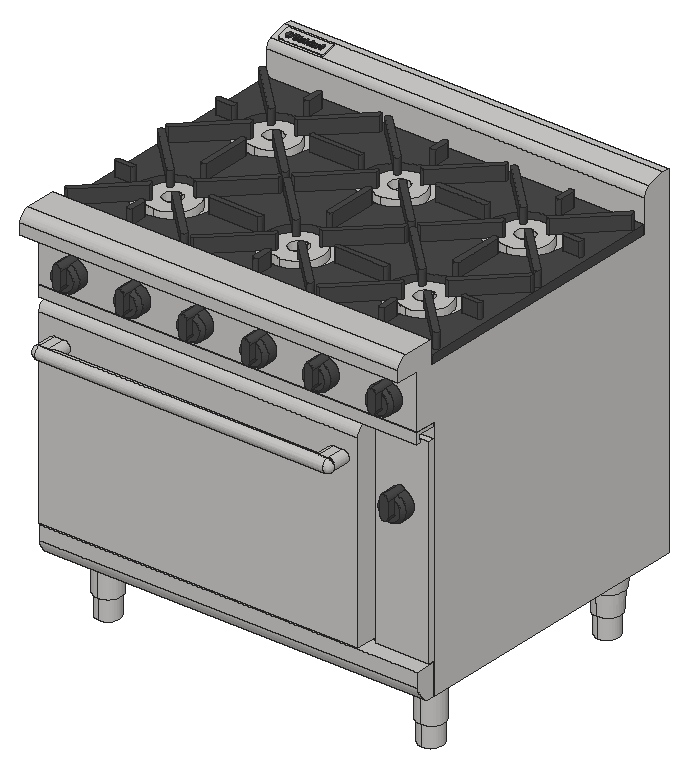
Revit family "QF_MOFFAT WALDORF_RNL8610G", category Specialty Equipment, Revit 2012 (continued)
Lines and regions (mm)
  symbolic lines
    curve 151: arc (150, -480.5, 0) -> (93, -537.5, 0) -> (150, -594.5, 0) r 57
    curve 152: line (17.22, -237.81, 0) -> (62.22, -237.81, 0)
    curve 153: line (17.22, -537.81, 0) -> (62.22, -537.81, 0)
    curve 154: line (882.78, -237.81, 0) -> (837.78, -237.81, 0)
    curve 155: line (882.78, -537.81, 0) -> (837.78, -537.81, 0)
    curve 156: line (149.551, -435.668, 0) -> (149.551, -350.668, 0)
    curve 157: line (449.551, -435.668, 0) -> (449.551, -350.668, 0)
    curve 158: line (749.551, -435.668, 0) -> (749.551, -350.668, 0)
    curve 162: line (150.008, -98.743, 0) -> (149.965, -143.743, 0)
    curve 163: line (450.008, -98.743, 0) -> (449.965, -143.743, 0)
    curve 164: line (750.008, -98.743, 0) -> (749.965, -143.743, 0)
    curve 165: line (150.008, -628.777, 0) -> (149.965, -673.777, 0)
    curve 166: line (450.008, -628.777, 0) -> (449.965, -673.777, 0)
    curve 167: line (750.008, -628.777, 0) -> (749.965, -673.777, 0)
    curve 168: arc (150, -152.5, 0) -> (235, -237.5, 0) -> (150, -322.5, 0) r 85
    curve 169: arc (150, -322.5, 0) -> (65, -237.5, 0) -> (150, -152.5, 0) r 85
    curve 170: arc (450, -322.5, 0) -> (365, -237.5, 0) -> (450, -152.5, 0) r 85
    curve 171: arc (450, -152.5, 0) -> (535, -237.5, 0) -> (450, -322.5, 0) r 85
    curve 172: arc (750, -322.5, 0) -> (665, -237.5, 0) -> (750, -152.5, 0) r 85
    curve 173: arc (750, -152.5, 0) -> (835, -237.5, 0) -> (750, -322.5, 0) r 85
    curve 174: arc (750, -452.768, 0) -> (835, -537.768, 0) -> (750, -622.768, 0) r 85
    curve 175: arc (750, -622.768, 0) -> (665, -537.768, 0) -> (750, -452.768, 0) r 85
    curve 176: arc (450, -452.768, 0) -> (535, -537.768, 0) -> (450, -622.768, 0) r 85
    curve 177: arc (450, -622.768, 0) -> (365, -537.768, 0) -> (450, -452.768, 0) r 85
    curve 178: arc (150, -452.768, 0) -> (235, -537.768, 0) -> (150, -622.768, 0) r 85
    curve 179: arc (150, -622.768, 0) -> (65, -537.768, 0) -> (150, -452.768, 0) r 85
    curve 180: line (301.417, -72.734, 0) -> (301.417, -705.7, 0)
    curve 181: line (601.417, -72.734, 0) -> (601.417, -705.7, 0)
    curve 182: line (0, -387.5, 0) -> (900, -387.5, 0)
    curve 183: arc (150, -215.5, 0) -> (172, -237.5, 0) -> (150, -259.5, 0) r 22
    curve 184: arc (150, -259.5, 0) -> (128, -237.5, 0) -> (150, -215.5, 0) r 22
    curve 185: arc (450, -215.5, 0) -> (472, -237.5, 0) -> (450, -259.5, 0) r 22
    curve 186: arc (450, -259.5, 0) -> (428, -237.5, 0) -> (450, -215.5, 0) r 22
    curve 187: arc (750, -215.5, 0) -> (772, -237.5, 0) -> (750, -259.5, 0) r 22
    curve 188: arc (750, -259.5, 0) -> (728, -237.5, 0) -> (750, -215.5, 0) r 22
    curve 189: arc (750, -515.5, 0) -> (772, -537.5, 0) -> (750, -559.5, 0) r 22
    curve 190: arc (750, -559.5, 0) -> (728, -537.5, 0) -> (750, -515.5, 0) r 22
    curve 191: arc (450, -515.5, 0) -> (472, -537.5, 0) -> (450, -559.5, 0) r 22
    curve 192: arc (450, -559.5, 0) -> (428, -537.5, 0) -> (450, -515.5, 0) r 22
    curve 193: arc (150, -515.5, 0) -> (172, -537.5, 0) -> (150, -559.5, 0) r 22
    curve 194: arc (150, -559.5, 0) -> (128, -537.5, 0) -> (150, -515.5, 0) r 22
  symbolic lines, style "QF_Door-Drawer Clearances", visible <- "Show Clearance"
    curve 159: line (0, -1218.847, 0) -> (0, -805, 0)
    curve 160: line (0, -1218.847, 0) -> (760, -1218.847, 0)
    curve 161: line (760, -1218.847, 0) -> (760, -805, 0)
Dimensions and locks
  equal spacing: plane 3 "LEFT", plane 7 "Center Y", plane 4 "RIGHT"
  "Width": plane 3 "LEFT" to plane 4 "RIGHT"
  equal spacing: plane 5 "FRONT", plane 8 "Center X", plane 1 "BACK"
  plane 5 "FRONT" to plane 1 "BACK" = 805 mm  (x2)
  equal spacing: plane 4 "RIGHT", plane 7 "Center Y", plane 3 "LEFT"
  plane 4 "RIGHT" to plane 3 "LEFT" = 900 mm
  "Height": plane 6 "TOP" to level
  plane 10 to plane 1 "BACK" = 574.272 mm
  plane 12 to plane 1 "BACK" = 304.972 mm  (x2)
  plane 11 to plane 3 "LEFT" = 60 mm
  plane 14 to plane 3 "LEFT" = 74 mm
  plane 9 to plane 3 "LEFT" = 280 mm
  "Depth": plane 1 "BACK" to plane 15
  plane 15 to plane 5 "FRONT" = 0 mm
  plane 6 "TOP" to plane 2 = 970 mm
  locked: plane 2 to Extrusion 1 sketch curve at 861.8
  locked: plane 2 to Extrusion 1 sketch curve at 915
  Extrusion 9 sketch curve to plane 19 = 64.8 mm
  aligned and locked: level to plane 2
  aligned and locked: curve 3 to plane 4 "RIGHT"
Automatic sketch dimensions
  curve 140 to curve 168 = 0 mm  (x2)
  curve 142 to curve 170 = 0 mm
  curve 143 to curve 170 = 0 mm
  curve 144 to curve 172 = 0 mm
  curve 144 to curve 173 = 0 mm
  plane 1 "BACK" to curve 1 = 0 mm
  curve 1 to plane 3 "LEFT" = 0 mm
  plane 5 "FRONT" to curve 109 = 0 mm
  curve 176 to plane 7 "Center Y" = 0 mm
  curve 171 to plane 7 "Center Y" = 0 mm
  curve 148 to plane 7 "Center Y" = 0 mm
  plane 3 "LEFT" to curve 113 = 6.08 mm
  plane 3 "LEFT" to curve 119 = 6.08 mm
  plane 3 "LEFT" to curve 129 = 6.08 mm
  plane 3 "LEFT" to curve 135 = 6.08 mm
  plane 3 "LEFT" to curve 5 = 12.5 mm
  plane 3 "LEFT" to curve 152 = 17.22 mm
  plane 3 "LEFT" to curve 153 = 17.22 mm
  plane 3 "LEFT" to curve 109 = 22.65 mm
  curve 109 to plane 11 = 11.111 mm
  curve 109 to plane 11 = 9.192 mm
  plane 11 to curve 153 = 2.22 mm
  plane 11 to curve 152 = 2.22 mm
  plane 17 to curve 8 = 11.042 mm
  plane 14 to curve 8 = 47.5 mm
  plane 14 to curve 129 = 47.515 mm
  plane 10 to curve 135 = 8.826 mm
  plane 14 to curve 135 = 47.515 mm
  plane 14 to curve 119 = 47.515 mm
  plane 14 to curve 113 = 47.515 mm
  curve 7 to curve 10 = 8.083 mm
  curve 156 to plane 8 "Center X" = 33.168 mm
  plane 14 to curve 156 = 75.551 mm
  plane 17 to curve 12 = 9.738 mm
  curve 9 to curve 12 = 20 mm
  plane 14 to curve 165 = 75.965 mm
  curve 113 to curve 162 = 28.45 mm
  curve 129 to curve 179 = 28.485 mm
  curve 113 to curve 168 = 28.485 mm
  curve 151 to curve 178 = 0 mm
  curve 178 to curve 165 = 0.008 mm
  curve 162 to curve 162 = 0.042 mm
  curve 10 to curve 14 = 6.917 mm
  curve 13 to curve 14 = 20 mm
  plane 10 to curve 136 = 8.826 mm
  curve 179 to curve 136 = 28.485 mm
  plane 12 to curve 120 = 39.794 mm
  curve 140 to curve 120 = 28.485 mm
  curve 140 to curve 114 = 28.485 mm
  curve 150 to curve 130 = 28.485 mm
  curve 15 to curve 17 = 7 mm
  curve 17 to curve 19 = 20 mm
  curve 19 to curve 21 = 7 mm
  curve 21 to curve 23 = 20 mm
  curve 22 to curve 27 = 7 mm
  curve 126 to plane 9 = 42.22 mm
  curve 124 to plane 9 = 42.22 mm
  plane 17 to curve 28 = 9.738 mm
  curve 26 to curve 28 = 20 mm
  curve 27 to curve 31 = 6.917 mm
  plane 9 to curve 33 = 4.417 mm
  curve 32 to curve 34 = 7 mm
  plane 9 to curve 136 = 13.92 mm
  plane 9 to curve 120 = 13.92 mm
  plane 9 to curve 114 = 13.92 mm
  plane 9 to curve 130 = 13.92 mm
  plane 9 to curve 180 = 21.417 mm
  curve 120 to curve 123 = 12.16 mm
  curve 114 to curve 117 = 12.16 mm
  plane 8 "Center X" to curve 133 = 7.845 mm
  curve 130 to curve 133 = 12.16 mm
  curve 136 to curve 139 = 12.16 mm
  curve 34 to curve 35 = 20 mm
  curve 35 to curve 38 = 7 mm
  curve 38 to curve 39 = 20 mm
  curve 39 to curve 42 = 11.622 mm
  plane 9 to curve 124 = 82.78 mm
  plane 10 to curve 126 = 36.462 mm
  plane 9 to curve 126 = 82.78 mm
  plane 17 to curve 44 = 9.738 mm
  curve 42 to curve 44 = 20 mm
  curve 44 to curve 49 = 6.917 mm
  plane 17 to curve 48 = 9.738 mm
  curve 46 to curve 48 = 20 mm
  curve 47 to curve 51 = 7 mm
  curve 123 to plane 7 "Center Y" = 28.485 mm
  curve 133 to plane 7 "Center Y" = 28.485 mm
  plane 10 to curve 139 = 9.362 mm
  curve 139 to plane 7 "Center Y" = 28.485 mm
  curve 117 to plane 7 "Center Y" = 28.485 mm
  plane 17 to curve 53 = 9.738 mm
  curve 50 to curve 53 = 20 mm
  curve 51 to curve 54 = 7 mm
  curve 157 to plane 7 "Center Y" = 0.449 mm
  curve 166 to plane 7 "Center Y" = 0.035 mm
  curve 163 to plane 7 "Center Y" = 0.035 mm
  plane 7 "Center Y" to curve 163 = 0.008 mm
  plane 7 "Center Y" to curve 166 = 0.008 mm
  plane 7 "Center Y" to curve 56 = 0.956 mm
  curve 56 to curve 58 = 7 mm
  plane 17 to curve 60 = 9.738 mm
  curve 58 to curve 60 = 20 mm
  plane 7 "Center Y" to curve 116 = 28.485 mm
  plane 7 "Center Y" to curve 132 = 28.485 mm
  plane 10 to curve 138 = 9.362 mm
  plane 7 "Center Y" to curve 138 = 28.485 mm
  plane 7 "Center Y" to curve 122 = 28.485 mm
  curve 60 to curve 62 = 6.917 mm
  curve 62 to curve 64 = 20 mm
  curve 64 to curve 66 = 7 mm
  curve 66 to curve 67 = 20 mm
  curve 138 to curve 127 = 58.735 mm
  curve 122 to curve 125 = 58.735 mm
  curve 67 to curve 71 = 7 mm
  plane 17 to curve 72 = 9.738 mm
  curve 70 to curve 72 = 20 mm
  curve 71 to curve 75 = 6.924 mm
  curve 74 to curve 76 = 20 mm
  curve 75 to curve 78 = 6.917 mm
  plane 8 "Center X" to curve 132 = 7.845 mm
  plane 7 "Center Y" to curve 132 = 143.92 mm
  plane 7 "Center Y" to curve 138 = 143.92 mm
  curve 116 to plane 17 = 62.387 mm
  curve 78 to curve 116 = 1.206 mm
  curve 122 to plane 13 = 15.641 mm
  curve 122 to curve 132 = 0 mm
  curve 138 to curve 181 = 7.497 mm
  curve 138 to curve 137 = 12.16 mm
  curve 121 to plane 13 = 15.641 mm
  curve 122 to curve 121 = 12.16 mm
  plane 8 "Center X" to curve 131 = 7.845 mm
  curve 132 to curve 131 = 12.16 mm
  curve 115 to plane 17 = 62.387 mm
  curve 116 to curve 115 = 12.16 mm
  curve 78 to curve 80 = 20 mm
  curve 79 to curve 83 = 7 mm
  curve 82 to curve 83 = 20 mm
  curve 83 to curve 86 = 7 mm
  curve 125 to curve 125 = 125 mm
  plane 10 to curve 127 = 36.462 mm
  curve 127 to curve 127 = 125 mm
  curve 86 to curve 88 = 20 mm
  curve 88 to curve 93 = 7 mm
  curve 90 to curve 91 = 20 mm
  curve 91 to curve 95 = 6.917 mm
  plane 17 to curve 97 = 9.738 mm
  curve 94 to curve 97 = 20 mm
  plane 12 to curve 121 = 39.794 mm
  curve 125 to curve 121 = 59.295 mm
  curve 127 to curve 131 = 59.295 mm
  curve 115 to curve 121 = 0 mm
  plane 10 to curve 137 = 8.826 mm
  curve 137 to curve 131 = 0 mm
  plane 5 "FRONT" to curve 111 = 14.544 mm
  curve 111 to plane 16 = 112.642 mm
  curve 95 to curve 98 = 7 mm
  curve 111 to curve 111 = 25.191 mm
  curve 98 to curve 99 = 20 mm
  plane 13 to curve 158 = 14.305 mm
  curve 158 to plane 16 = 84.949 mm
  curve 115 to curve 164 = 28.45 mm
  curve 167 to plane 16 = 84.535 mm
  curve 131 to curve 146 = 28.485 mm
  curve 158 to curve 174 = 0.449 mm
  curve 173 to plane 12 = 17.528 mm
  curve 158 to curve 173 = 0.449 mm
  curve 164 to curve 164 = 0.042 mm
  curve 174 to curve 167 = 0.008 mm
  curve 99 to curve 103 = 7 mm
  curve 161 to plane 16 = 74.5 mm
  curve 102 to curve 103 = 20 mm
  curve 144 to curve 112 = 28.485 mm
  curve 144 to curve 118 = 28.485 mm
  curve 146 to curve 128 = 28.485 mm
  plane 10 to curve 134 = 8.826 mm
  curve 174 to curve 134 = 28.485 mm
  plane 16 to curve 154 = 3.28 mm
  plane 16 to curve 155 = 3.28 mm
  plane 4 "RIGHT" to curve 154 = 17.22 mm
  plane 4 "RIGHT" to curve 155 = 17.22 mm
  plane 4 "RIGHT" to curve 112 = 6.08 mm
  plane 4 "RIGHT" to curve 134 = 6.08 mm
  plane 4 "RIGHT" to curve 128 = 6.08 mm
  plane 4 "RIGHT" to curve 118 = 6.08 mm
  curve 159 to curve 110 = 399.303 mm
  curve 109 to curve 106 = 76.143 mm
  curve 106 to curve 107 = 3.3 mm
  curve 107 to curve 134 = 24.819 mm
  curve 107 to curve 135 = 24.819 mm
  curve 180 to curve 136 = 24.819 mm
  curve 181 to curve 137 = 24.819 mm
  curve 137 to curve 138 = 0.536 mm
  curve 136 to curve 139 = 0.536 mm
  curve 165 to plane 10 = 99.505 mm
  curve 166 to plane 10 = 99.505 mm
  curve 167 to plane 10 = 99.505 mm
  curve 165 to curve 165 = 45 mm
  curve 166 to curve 166 = 45 mm
  curve 167 to curve 167 = 45 mm
  curve 165 to curve 179 = 6.009 mm
  curve 166 to curve 176 = 6.009 mm
  curve 167 to curve 175 = 6.009 mm
  curve 146 to plane 10 = 20.228 mm
  curve 148 to plane 10 = 20.228 mm
  curve 150 to plane 10 = 20.228 mm
  plane 10 to curve 153 = 36.462 mm
  plane 10 to curve 155 = 36.462 mm
  plane 10 to curve 178 = 36.504 mm
  plane 10 to curve 176 = 36.504 mm
  plane 10 to curve 175 = 36.504 mm
  curve 178 to curve 151 = 0.268 mm
  curve 176 to curve 148 = 0.268 mm
  curve 174 to curve 146 = 0.268 mm
  curve 146 to curve 128 = 27.411 mm
  curve 150 to curve 130 = 27.411 mm
  curve 150 to curve 129 = 27.411 mm
  curve 146 to curve 131 = 27.411 mm
  curve 148 to curve 133 = 27.411 mm
  curve 148 to curve 132 = 27.411 mm
  curve 177 to curve 157 = 17.1 mm
  curve 175 to curve 158 = 17.1 mm
  plane 8 "Center X" to curve 129 = 7.845 mm
  plane 8 "Center X" to curve 130 = 7.845 mm
  plane 8 "Center X" to curve 128 = 7.845 mm
  curve 129 to curve 182 = 7.155 mm
  curve 130 to curve 120 = 14.041 mm
  curve 120 to curve 123 = 0 mm
  curve 182 to curve 118 = 6.887 mm
  curve 182 to curve 119 = 6.887 mm
  plane 13 to curve 156 = 14.305 mm
  plane 13 to curve 157 = 14.305 mm
  curve 171 to plane 12 = 17.528 mm
  curve 168 to plane 12 = 17.528 mm
  plane 12 to curve 143 = 10.472 mm
  plane 12 to curve 144 = 10.472 mm
  plane 12 to curve 140 = 10.472 mm
  plane 12 to curve 122 = 39.794 mm
  plane 12 to curve 118 = 39.794 mm
  plane 12 to curve 119 = 39.794 mm
  plane 12 to curve 123 = 39.794 mm
  curve 123 to curve 124 = 27.368 mm
  curve 121 to curve 125 = 27.368 mm
  curve 118 to curve 154 = 27.368 mm
  plane 12 to curve 152 = 67.162 mm
  curve 119 to curve 140 = 27.678 mm
  curve 121 to curve 145 = 27.678 mm
  curve 123 to curve 143 = 27.678 mm
  curve 144 to curve 112 = 27.678 mm
  curve 140 to curve 113 = 27.678 mm
  curve 171 to curve 117 = 27.678 mm
  curve 171 to curve 116 = 27.678 mm
  curve 144 to curve 115 = 27.678 mm
  curve 140 to curve 114 = 27.678 mm
  curve 172 to curve 164 = 8.757 mm
  curve 171 to curve 163 = 8.757 mm
  curve 169 to curve 162 = 8.757 mm
  curve 162 to curve 162 = 45 mm
  curve 163 to curve 163 = 45 mm
  curve 164 to curve 164 = 45 mm
  curve 117 to plane 17 = 62.387 mm
  curve 112 to plane 17 = 62.387 mm
  curve 113 to plane 17 = 62.387 mm
  curve 114 to curve 117 = 0 mm
  curve 112 to curve 108 = 21.653 mm
  curve 108 to curve 4 = 2.734 mm
  curve 5 to plane 17 = 19.234 mm
  curve 96 to plane 17 = 18.526 mm
  curve 52 to plane 17 = 18.526 mm
  curve 92 to curve 94 = 0 mm
  curve 80 to plane 17 = 18.526 mm
  curve 95 to curve 98 = 0 mm
  curve 40 to plane 17 = 18.526 mm
  curve 99 to curve 102 = 0 mm
  curve 76 to curve 78 = 0 mm
  curve 44 to plane 17 = 18.526 mm
  curve 43 to curve 46 = 0 mm
  curve 36 to curve 38 = 0 mm
  curve 88 to curve 90 = 0 mm
  curve 51 to curve 54 = 0 mm
  curve 71 to curve 74 = 0 mm
  curve 32 to curve 34 = 0 mm
  curve 84 to curve 86 = 0 mm
  curve 55 to curve 58 = 0 mm
  curve 68 to curve 70 = 0 mm
  curve 28 to curve 30 = 0 mm
  curve 23 to curve 26 = 0 mm
  curve 19 to curve 21 = 0 mm
  curve 15 to curve 17 = 0 mm
  curve 11 to curve 13 = 0 mm
  curve 59 to curve 62 = 0 mm
  plane 17 to curve 105 = 9.738 mm
  curve 96 to curve 101 = 0 mm
  plane 17 to curve 93 = 9.738 mm
  plane 17 to curve 89 = 9.738 mm
  plane 17 to curve 85 = 9.738 mm
  plane 17 to curve 81 = 9.738 mm
  curve 72 to curve 77 = 0 mm
  plane 17 to curve 69 = 9.738 mm
  curve 60 to curve 65 = 0 mm
  curve 52 to curve 57 = 0 mm
  plane 17 to curve 41 = 9.738 mm
  plane 17 to curve 37 = 9.738 mm
  curve 28 to curve 33 = 0 mm
  plane 17 to curve 24 = 9.738 mm
  plane 17 to curve 20 = 9.738 mm
  curve 11 to curve 16 = 0 mm
  Extrusion 1 sketch curve to plane 5 "FRONT" = 0 mm
  Extrusion 1 sketch curve to plane 6 "TOP" = 0 mm
  Extrusion 1 sketch curve to plane 1 "BACK" = 0 mm
  Extrusion 1 sketch curve to plane 5 "FRONT" = 24 mm
  Extrusion 1 sketch curve to plane 5 "FRONT" = 56 mm
  Extrusion 1 sketch curve to Extrusion 1 sketch curve = 0 mm
  Extrusion 1 sketch curve to plane 5 "FRONT" = 58.27 mm
  Extrusion 1 sketch curve to Extrusion 1 sketch curve = 6.387 mm
  Extrusion 1 sketch curve to Extrusion 1 sketch curve = 8.776 mm
  Extrusion 1 sketch curve to Extrusion 1 sketch curve = 40 mm
  Extrusion 1 sketch curve to Extrusion 1 sketch curve = 43.174 mm
  Extrusion 1 sketch curve to Extrusion 1 sketch curve = 2.626 mm
  Extrusion 1 sketch curve to Extrusion 1 sketch curve = 41.683 mm
  Extrusion 1 sketch curve to Extrusion 1 sketch curve = 4.2 mm  (x2)
  Extrusion 1 sketch curve to plane 17 = 38 mm
  Extrusion 1 sketch curve to plane 6 "TOP" = 11.31 mm
  Extrusion 1 sketch curve to Extrusion 1 sketch curve = 11.291 mm
  Extrusion 1 sketch curve to plane 17 = 15.418 mm
  plane 17 to Extrusion 1 sketch curve = 15.5 mm
  plane 18 to Extrusion 1 sketch curve = 81.219 mm
  Extrusion 1 sketch curve to Extrusion 1 sketch curve = 2.216 mm
  Extrusion 1 sketch curve to Extrusion 1 sketch curve = 7.004 mm
  Extrusion 1 sketch curve to Extrusion 1 sketch curve = 16.999 mm
  level to Extrusion 1 sketch curve = 222.5 mm
  Extrusion 1 sketch curve to Extrusion 1 sketch curve = 28.982 mm
  Extrusion 1 sketch curve to Extrusion 1 sketch curve = 34.5 mm
  Extrusion 1 sketch curve to Extrusion 1 sketch curve = 0.071 mm
  Extrusion 1 to Split face 1 sketch curve = 1.962 mm
  Split face 1 sketch curve to Extrusion 1 = 14.14 mm
  Split face 1 sketch curve to Extrusion 1 = 129.583 mm
  Split face 1 sketch curve to Split face 1 sketch curve = 20 mm
  Extrusion 1 to Split face 2 sketch curve = 1.962 mm
  Split face 2 sketch curve to Extrusion 1 = 14.14 mm
  Split face 2 sketch curve to Extrusion 1 = 156.5 mm
  Split face 2 sketch curve to Split face 2 sketch curve = 20 mm
  Extrusion 1 to Split face 3 sketch curve = 1.962 mm
  Split face 3 sketch curve to Extrusion 1 = 14.14 mm
  Split face 3 sketch curve to Extrusion 1 = 183.5 mm
  Split face 3 sketch curve to Split face 3 sketch curve = 20 mm
  Extrusion 1 to Split face 4 sketch curve = 1.962 mm
  Split face 4 sketch curve to Extrusion 1 = 14.14 mm
  Split face 4 sketch curve to Extrusion 1 = 210.5 mm
  Split face 4 sketch curve to Split face 4 sketch curve = 20 mm
  Extrusion 1 to Split face 5 sketch curve = 1.962 mm
  Split face 5 sketch curve to Extrusion 1 = 14.14 mm
  Split face 5 sketch curve to Extrusion 1 = 237.5 mm
  Split face 5 sketch curve to Split face 5 sketch curve = 20 mm
  Extrusion 1 to Split face 6 sketch curve = 1.962 mm
  Split face 6 sketch curve to Extrusion 1 = 14.14 mm
  Split face 6 sketch curve to Extrusion 1 = 264.5 mm
  Split face 6 sketch curve to Split face 6 sketch curve = 20 mm
  Extrusion 1 to Split face 7 sketch curve = 1.962 mm
  Split face 7 sketch curve to Extrusion 1 = 14.14 mm
  Split face 7 sketch curve to Extrusion 1 = 291.5 mm
  Split face 7 sketch curve to Split face 7 sketch curve = 20 mm
  Extrusion 1 to Split face 8 sketch curve = 1.962 mm
  Split face 8 sketch curve to Extrusion 1 = 14.14 mm
  Split face 8 sketch curve to Extrusion 1 = 281.5 mm
  Split face 8 sketch curve to Split face 8 sketch curve = 20 mm
  Extrusion 1 to Split face 9 sketch curve = 1.962 mm
  Split face 9 sketch curve to Extrusion 1 = 14.14 mm
  Split face 9 sketch curve to Extrusion 1 = 254.5 mm
  Split face 9 sketch curve to Split face 9 sketch curve = 20 mm
  Extrusion 1 to Split face 10 sketch curve = 1.962 mm
  Split face 10 sketch curve to Extrusion 1 = 14.14 mm
  Split face 10 sketch curve to Extrusion 1 = 227.5 mm
  Split face 10 sketch curve to Split face 10 sketch curve = 20 mm
  Extrusion 1 to Split face 11 sketch curve = 1.962 mm
  Split face 11 sketch curve to Extrusion 1 = 14.14 mm
  Split face 11 sketch curve to Extrusion 1 = 200.5 mm
  Split face 11 sketch curve to Split face 11 sketch curve = 20 mm
  Extrusion 1 to Split face 12 sketch curve = 1.962 mm
  Split face 12 sketch curve to Extrusion 1 = 14.14 mm
  Split face 12 sketch curve to Extrusion 1 = 173.5 mm
  Split face 12 sketch curve to Split face 12 sketch curve = 20 mm
  Extrusion 1 to Split face 13 sketch curve = 1.962 mm
  Split face 13 sketch curve to Extrusion 1 = 14.14 mm
  Split face 13 sketch curve to Extrusion 1 = 146.5 mm
  Split face 13 sketch curve to Split face 13 sketch curve = 20 mm
  plane 18 to Extrusion 2 sketch curve = 21 mm
  Extrusion 2 sketch curve to plane 5 "FRONT" = 56 mm
  Extrusion 2 sketch curve to Extrusion 2 sketch curve = 24 mm
  Extrusion 2 sketch curve to Extrusion 2 sketch curve = 50 mm
  level to Extrusion 2 sketch curve = 227.5 mm
  Extrusion 3 sketch curve to Extrusion 3 sketch curve = 15 mm
  level to Extrusion 3 sketch curve = 227.5 mm
  Extrusion 1 to Split face 14 sketch curve = 1.962 mm
  Split face 14 sketch curve to Extrusion 1 = 14.14 mm
  Split face 14 sketch curve to Extrusion 1 = 320.812 mm
  Split face 14 sketch curve to Split face 14 sketch curve = 20 mm
  Extrusion 1 to Split face 15 sketch curve = 1.962 mm
  Split face 15 sketch curve to Extrusion 1 = 14.14 mm
  Split face 15 sketch curve to Extrusion 1 = 350.039 mm
  Split face 15 sketch curve to Split face 15 sketch curve = 20 mm
  Extrusion 1 to Split face 16 sketch curve = 1.962 mm
  Split face 16 sketch curve to Extrusion 1 = 14.14 mm
  Split face 16 sketch curve to Extrusion 1 = 377.038 mm
  Split face 16 sketch curve to Split face 16 sketch curve = 20 mm
  Extrusion 1 to Split face 17 sketch curve = 1.962 mm
  Split face 17 sketch curve to Extrusion 1 = 14.14 mm
  Split face 17 sketch curve to Extrusion 1 = 402.514 mm
  Split face 17 sketch curve to Split face 17 sketch curve = 20 mm
  Extrusion 1 to Split face 18 sketch curve = 1.962 mm
  Split face 18 sketch curve to Extrusion 1 = 14.14 mm
  Split face 18 sketch curve to Extrusion 1 = 428.962 mm
  Split face 18 sketch curve to Split face 18 sketch curve = 20 mm
  Extrusion 1 to Split face 19 sketch curve = 1.962 mm
  Split face 19 sketch curve to Extrusion 1 = 14.14 mm
  Split face 19 sketch curve to Extrusion 1 = 444.954 mm
  Split face 19 sketch curve to Split face 19 sketch curve = 20 mm
  Extrusion 1 to Split face 20 sketch curve = 1.962 mm
  Split face 20 sketch curve to Extrusion 1 = 14.14 mm
  Split face 20 sketch curve to Extrusion 1 = 419.057 mm
  Split face 20 sketch curve to Split face 20 sketch curve = 20 mm
  Extrusion 1 to Split face 21 sketch curve = 1.962 mm
  Split face 21 sketch curve to Extrusion 1 = 14.14 mm
  Split face 21 sketch curve to Extrusion 1 = 392.609 mm
  Split face 21 sketch curve to Split face 21 sketch curve = 20 mm
  Extrusion 1 to Split face 22 sketch curve = 1.962 mm
  Split face 22 sketch curve to Extrusion 1 = 14.14 mm
  Split face 22 sketch curve to Extrusion 1 = 362.304 mm
  Split face 22 sketch curve to Split face 22 sketch curve = 20 mm
  Extrusion 1 to Split face 23 sketch curve = 1.962 mm
  Split face 23 sketch curve to Extrusion 1 = 14.14 mm
  Split face 23 sketch curve to Extrusion 1 = 334.203 mm
  Split face 23 sketch curve to Split face 23 sketch curve = 20 mm
  Extrusion 1 to Split face 24 sketch curve = 1.962 mm
  Split face 24 sketch curve to Extrusion 1 = 14.14 mm
  Split face 24 sketch curve to Extrusion 1 = 308.857 mm
  Split face 24 sketch curve to Split face 24 sketch curve = 20 mm
  Revolve 4 sketch curve to level = 0 mm
  Revolve 4 sketch curve to plane 17 = 110.753 mm
  Revolve 4 sketch curve to Revolve 4 sketch curve = 4.159 mm
  Revolve 4 sketch curve to Revolve 4 sketch curve = 5.012 mm
  Revolve 4 sketch curve to Revolve 4 sketch curve = 1.832 mm
  Revolve 4 sketch curve to Revolve 4 sketch curve = 4.25 mm
  Revolve 4 sketch curve to Revolve 4 sketch curve = 42.753 mm
  Revolve 4 sketch curve to Revolve 4 sketch curve = 0 mm  (x2)
  level to Revolve 4 sketch curve = 50 mm
  Revolve 4 sketch curve to Revolve 4 sketch curve = 52.468 mm
  Revolve 4 sketch curve to Revolve 4 sketch curve = 47.532 mm
  Revolve 4 sketch curve to Revolve 4 sketch curve = 55 mm
  Revolve 5 sketch curve to level = 0 mm
  Revolve 5 sketch curve to plane 10 = 82.478 mm
  Revolve 5 sketch curve to Revolve 5 sketch curve = 4.25 mm
  Revolve 5 sketch curve to Revolve 5 sketch curve = 27.5 mm  (x2)
  level to Revolve 5 sketch curve = 50 mm
  Revolve 5 sketch curve to Revolve 5 sketch curve = 0 mm
  Revolve 5 sketch curve to Revolve 5 sketch curve = 100 mm
  Revolve 5 sketch curve to Revolve 5 sketch curve = 55 mm
  Revolve 6 sketch curve to level = 0 mm
  Revolve 6 sketch curve to plane 17 = 110.753 mm
  Revolve 6 sketch curve to Revolve 6 sketch curve = 0 mm  (x3)
  Revolve 6 sketch curve to Revolve 6 sketch curve = 4.159 mm
  Revolve 6 sketch curve to Revolve 6 sketch curve = 5.012 mm
  Revolve 6 sketch curve to Revolve 6 sketch curve = 1.832 mm
  Revolve 6 sketch curve to Revolve 6 sketch curve = 4.25 mm
  Revolve 6 sketch curve to Revolve 6 sketch curve = 42.753 mm
  Revolve 6 sketch curve to level = 55 mm
  Revolve 6 sketch curve to Revolve 6 sketch curve = 50 mm
  Revolve 6 sketch curve to Revolve 6 sketch curve = 52.468 mm
  Revolve 6 sketch curve to Revolve 6 sketch curve = 47.532 mm
  Revolve 7 sketch curve to level = 0 mm
  Revolve 7 sketch curve to plane 10 = 82.478 mm
  Revolve 7 sketch curve to Revolve 7 sketch curve = 4.25 mm
  Revolve 7 sketch curve to Revolve 7 sketch curve = 27.5 mm  (x2)
  Revolve 7 sketch curve to level = 55 mm
  Revolve 7 sketch curve to Revolve 7 sketch curve = 50 mm
  Revolve 7 sketch curve to Revolve 7 sketch curve = 0 mm
  Revolve 7 sketch curve to Revolve 7 sketch curve = 100 mm
  Extrusion 8 sketch curve to plane 17 = 0 mm
  Extrusion 8 sketch curve to plane 16 = 64.5 mm
  Extrusion 9 sketch curve to plane 4 "RIGHT" = 0 mm
  Extrusion 9 sketch curve to plane 7 "Center Y" = 0 mm  (x2)
  plane 4 "RIGHT" to Extrusion 9 sketch curve = 3 mm
  Extrusion 9 sketch curve to plane 17 = 39 mm
  Extrusion 9 sketch curve to Extrusion 9 sketch curve = 3 mm  (x2)
  plane 12 to Extrusion 9 sketch curve = 67.472 mm  (x3)
  plane 10 to Extrusion 9 sketch curve = 36.504 mm  (x3)
  Extrusion 9 sketch curve to plane 5 "FRONT" = 104 mm  (x2)
  plane 14 to Extrusion 9 sketch curve = 76 mm  (x2)
  Extrusion 9 sketch curve to plane 16 = 84.5 mm  (x2)
  Revolve 10 sketch curve to plane 5 "FRONT" = 12 mm
  Revolve 10 sketch curve to Revolve 10 sketch curve = 0 mm  (x2)
  Revolve 10 sketch curve to Revolve 10 sketch curve = 11 mm
  Revolve 10 sketch curve to Revolve 10 sketch curve = 12.7 mm
  Revolve 10 sketch curve to Revolve 10 sketch curve = 23 mm
  Revolve 10 sketch curve to Revolve 10 sketch curve = 10 mm
  plane 18 to Revolve 10 sketch curve = 141.882 mm
  Revolve 10 sketch curve to Revolve 10 sketch curve = 5 mm
  Revolve 10 sketch curve to Revolve 10 sketch curve = 26.651 mm
  Revolve 10 sketch curve to Revolve 10 sketch curve = 5.849 mm
  Revolve 11 sketch curve to plane 5 "FRONT" = 12 mm
  Revolve 11 sketch curve to Revolve 11 sketch curve = 0 mm  (x2)
  Revolve 11 sketch curve to Revolve 11 sketch curve = 11 mm
  Revolve 11 sketch curve to Revolve 11 sketch curve = 12.7 mm
  Revolve 11 sketch curve to Revolve 11 sketch curve = 23 mm
  Revolve 11 sketch curve to Revolve 11 sketch curve = 10 mm
  plane 18 to Revolve 11 sketch curve = 141.882 mm
  Revolve 11 sketch curve to Revolve 11 sketch curve = 5 mm
  Revolve 11 sketch curve to Revolve 11 sketch curve = 26.651 mm
  Revolve 11 sketch curve to Revolve 11 sketch curve = 5.849 mm
  Revolve 12 sketch curve to plane 5 "FRONT" = 12 mm
  Revolve 12 sketch curve to Revolve 12 sketch curve = 0 mm  (x2)
  Revolve 12 sketch curve to Revolve 12 sketch curve = 11 mm
  Revolve 12 sketch curve to Revolve 12 sketch curve = 12.7 mm
  Revolve 12 sketch curve to Revolve 12 sketch curve = 23 mm
  Revolve 12 sketch curve to Revolve 12 sketch curve = 10 mm
  Revolve 12 sketch curve to plane 6 "TOP" = 140.618 mm
  Revolve 12 sketch curve to Revolve 12 sketch curve = 5.849 mm
  Revolve 12 sketch curve to Revolve 12 sketch curve = 27.5 mm
  Revolve 12 sketch curve to Revolve 12 sketch curve = 5 mm
  Revolve 13 sketch curve to plane 5 "FRONT" = 12 mm
  Revolve 13 sketch curve to Revolve 13 sketch curve = 0 mm  (x2)
  Revolve 13 sketch curve to Revolve 13 sketch curve = 11 mm
  Revolve 13 sketch curve to Revolve 13 sketch curve = 12.7 mm
  Revolve 13 sketch curve to Revolve 13 sketch curve = 23 mm
  Revolve 13 sketch curve to Revolve 13 sketch curve = 10 mm
  Revolve 13 sketch curve to plane 6 "TOP" = 140.618 mm
  Revolve 13 sketch curve to Revolve 13 sketch curve = 5.849 mm
  Revolve 13 sketch curve to Revolve 13 sketch curve = 27.5 mm
  Revolve 13 sketch curve to Revolve 13 sketch curve = 5 mm
  Revolve 14 sketch curve to plane 5 "FRONT" = 12 mm
  Revolve 14 sketch curve to Revolve 14 sketch curve = 0 mm  (x2)
  Revolve 14 sketch curve to Revolve 14 sketch curve = 11 mm
  Revolve 14 sketch curve to Revolve 14 sketch curve = 12.7 mm
  Revolve 14 sketch curve to Revolve 14 sketch curve = 23 mm
  Revolve 14 sketch curve to Revolve 14 sketch curve = 10 mm
  Revolve 14 sketch curve to plane 6 "TOP" = 140.618 mm
  Revolve 14 sketch curve to Revolve 14 sketch curve = 5.849 mm
  Revolve 14 sketch curve to Revolve 14 sketch curve = 27.5 mm
  Revolve 14 sketch curve to Revolve 14 sketch curve = 5 mm
  plane 14 to Extrusion 15 sketch curve = 26.156 mm
  Extrusion 15 sketch curve to Extrusion 15 sketch curve = 10 mm
  Extrusion 15 sketch curve to plane 6 "TOP" = 146.118 mm
  Extrusion 15 sketch curve to Extrusion 15 sketch curve = 35 mm
  Extrusion 16 sketch curve to plane 9 = 29.844 mm
  Extrusion 16 sketch curve to Extrusion 16 sketch curve = 10 mm
  Extrusion 16 sketch curve to plane 6 "TOP" = 146.118 mm
  Extrusion 16 sketch curve to Extrusion 16 sketch curve = 35 mm
  Extrusion 17 sketch curve to plane 16 = 4.656 mm
  plane 16 to Extrusion 17 sketch curve = 5.344 mm
  plane 18 to Extrusion 17 sketch curve = 133.882 mm
  Extrusion 17 sketch curve to Extrusion 17 sketch curve = 35 mm
  Extrusion 18 sketch curve to plane 16 = 154.656 mm
  Extrusion 18 sketch curve to Extrusion 18 sketch curve = 10 mm
  plane 18 to Extrusion 18 sketch curve = 133.882 mm
  Extrusion 18 sketch curve to Extrusion 18 sketch curve = 35 mm
  Extrusion 19 sketch curve to plane 7 "Center Y" = 49.868 mm
  Extrusion 19 sketch curve to Extrusion 19 sketch curve = 10 mm
  Extrusion 19 sketch curve to plane 6 "TOP" = 146.118 mm
  Extrusion 19 sketch curve to Extrusion 19 sketch curve = 35 mm
  plane 7 "Center Y" to Extrusion 20 sketch curve = 100.132 mm
  Extrusion 20 sketch curve to Extrusion 20 sketch curve = 10 mm
  Extrusion 20 sketch curve to plane 6 "TOP" = 146.118 mm
  Extrusion 20 sketch curve to Extrusion 20 sketch curve = 35 mm
  Revolve 21 sketch curve to plane 5 "FRONT" = 52 mm
  Revolve 21 sketch curve to Revolve 21 sketch curve = 0 mm  (x2)
  Revolve 21 sketch curve to Revolve 21 sketch curve = 11 mm
  Revolve 21 sketch curve to Revolve 21 sketch curve = 12.7 mm
  Revolve 21 sketch curve to Revolve 21 sketch curve = 23 mm
  Revolve 21 sketch curve to Revolve 21 sketch curve = 10 mm
  Revolve 21 sketch curve to plane 18 = 103.743 mm
  Revolve 21 sketch curve to Revolve 21 sketch curve = 5 mm
  Revolve 21 sketch curve to Revolve 21 sketch curve = 26.651 mm
  Revolve 21 sketch curve to Revolve 21 sketch curve = 5.849 mm
  Extrusion 22 sketch curve to plane 16 = 7.156 mm
  plane 16 to Extrusion 22 sketch curve = 2.844 mm
  Extrusion 22 sketch curve to plane 18 = 111.743 mm
  Extrusion 22 sketch curve to Extrusion 22 sketch curve = 35 mm
  Extrusion 23 sketch curve to plane 5 "FRONT" = 56 mm
  level to Extrusion 23 sketch curve = 227.5 mm
  plane 5 "FRONT" to Extrusion 23 sketch curve = 413.847 mm
  Extrusion 24 sketch curve to plane 7 "Center Y" = 0 mm
  Extrusion 24 sketch curve to plane 17 = 61.602 mm  (x4)
  plane 4 "RIGHT" to Extrusion 24 sketch curve = 15.153 mm  (x2)
  plane 9 to Extrusion 24 sketch curve = 4.847 mm  (x3)
  Extrusion 24 sketch curve to Extrusion 24 sketch curve = 0 mm  (x14)
  plane 3 "LEFT" to Extrusion 24 sketch curve = 15.153 mm
  Extrusion 24 sketch curve to Extrusion 24 sketch curve = 4.525 mm  (x36)
  Extrusion 24 sketch curve to plane 7 "Center Y" = 6.435 mm  (x2)
  Extrusion 24 sketch curve to plane 17 = 70.539 mm  (x3)
  Extrusion 24 sketch curve to Extrusion 24 sketch curve = 36.204 mm  (x6)
  Extrusion 24 sketch curve to plane 7 "Center Y" = 0.035 mm
  plane 7 "Center Y" to Extrusion 24 sketch curve = 26.924 mm  (x4)
  Extrusion 24 sketch curve to Extrusion 24 sketch curve = 62.782 mm  (x3)
  Extrusion 24 sketch curve to plane 7 "Center Y" = 26.924 mm  (x2)
  plane 14 to Extrusion 24 sketch curve = 49.076 mm
  Extrusion 24 sketch curve to Extrusion 24 sketch curve = 20.524 mm  (x5)
  plane 3 "LEFT" to Extrusion 24 sketch curve = 19.118 mm  (x2)
  plane 12 to Extrusion 24 sketch curve = 73.872 mm
  plane 16 to Extrusion 24 sketch curve = 10.178 mm  (x2)
  Extrusion 24 sketch curve to Extrusion 24 sketch curve = 6.4 mm  (x14)
  plane 12 to Extrusion 24 sketch curve = 40.548 mm  (x6)
  Extrusion 24 sketch curve to plane 12 = 24.426 mm  (x3)
  Extrusion 24 sketch curve to plane 13 = 7.374 mm  (x6)
  plane 8 "Center X" to Extrusion 24 sketch curve = 8.898 mm  (x6)
  plane 8 "Center X" to Extrusion 24 sketch curve = 4.372 mm  (x6)
  Extrusion 24 sketch curve to plane 7 "Center Y" = 6.4 mm
  Extrusion 24 sketch curve to plane 8 "Center X" = 43.102 mm  (x3)
  Extrusion 24 sketch curve to Extrusion 24 sketch curve = 55.923 mm  (x9)
  plane 10 to Extrusion 24 sketch curve = 43.172 mm  (x4)
  plane 10 to Extrusion 24 sketch curve = 9.848 mm  (x6)
  plane 10 to Extrusion 24 sketch curve = 5.323 mm  (x6)
  Extrusion 24 sketch curve to plane 10 = 55.767 mm  (x3)
  plane 7 "Center Y" to Extrusion 24 sketch curve = 6.365 mm
  Extrusion 24 sketch curve to plane 10 = 98.074 mm  (x4)
  plane 9 to Extrusion 24 sketch curve = 13.898 mm
  plane 3 "LEFT" to Extrusion 24 sketch curve = 6.102 mm  (x3)
  plane 4 "RIGHT" to Extrusion 24 sketch curve = 6.102 mm
  Extrusion 24 sketch curve to plane 11 = 4.678 mm  (x2)
  plane 14 to Extrusion 24 sketch curve = 40.025 mm  (x3)
  Extrusion 24 sketch curve to Extrusion 24 sketch curve = 20.489 mm  (x4)
  Extrusion 24 sketch curve to Extrusion 24 sketch curve = 53.847 mm  (x8)
  Extrusion 24 sketch curve to plane 9 = 38.102 mm  (x2)
  Extrusion 24 sketch curve to Extrusion 24 sketch curve = 12.205 mm  (x8)
  Extrusion 24 sketch curve to plane 7 "Center Y" = 35.975 mm  (x2)
  Extrusion 24 sketch curve to Extrusion 24 sketch curve = 128.481 mm  (x2)
  plane 7 "Center Y" to Extrusion 24 sketch curve = 134.847 mm
  Extrusion 24 sketch curve to Extrusion 24 sketch curve = 116.204 mm  (x2)
  plane 4 "RIGHT" to Extrusion 24 sketch curve = 19.118 mm  (x2)
  plane 1 "BACK" to Extrusion 25 sketch curve = 0 mm
  Extrusion 25 sketch curve to plane 17 = 7 mm
  Extrusion 25 sketch curve to plane 16 = 140.5 mm
  Extrusion 25 sketch curve to Extrusion 25 sketch curve = 50 mm
  Extrusion 25 sketch curve to plane 16 = 10.5 mm
  Extrusion 25 sketch curve to plane 17 = 55 mm
  Revolve 26 sketch curve to plane 5 "FRONT" = 12 mm
  Revolve 26 sketch curve to Revolve 26 sketch curve = 0 mm  (x2)
  Revolve 26 sketch curve to Revolve 26 sketch curve = 11 mm
  Revolve 26 sketch curve to Revolve 26 sketch curve = 12.7 mm
  Revolve 26 sketch curve to Revolve 26 sketch curve = 23 mm
  Revolve 26 sketch curve to Revolve 26 sketch curve = 10 mm
  Revolve 26 sketch curve to plane 6 "TOP" = 140.618 mm
  Revolve 26 sketch curve to Revolve 26 sketch curve = 5.849 mm
  Revolve 26 sketch curve to Revolve 26 sketch curve = 27.5 mm
  Revolve 26 sketch curve to Revolve 26 sketch curve = 5 mm
  Extrusion 3 sketch curve to plane 5 "FRONT" = 91 mm
  plane 18 to Extrusion 3 sketch curve = 45 mm
  Extrusion 27 sketch curve to Extrusion 27 sketch curve = 0 mm  (x13)
  Extrusion 1 to Extrusion 27 sketch curve = 167.5 mm  (x3)
  Extrusion 27 sketch curve to Extrusion 1 = 171.5 mm  (x3)
  Extrusion 1 to Extrusion 27 sketch curve = 150 mm  (x4)
  Extrusion 27 sketch curve to Extrusion 27 sketch curve = 300 mm
  curve 140 to curve 183 = 0 mm  (x2)
  curve 183 to curve 140 = 22 mm
  curve 142 to curve 185 = 0 mm  (x2)
  curve 186 to curve 185 = 22 mm
  curve 144 to curve 187 = 0 mm  (x2)
  curve 187 to curve 144 = 22 mm
  curve 146 to curve 189 = 0 mm  (x2)
  plane 10 to curve 190 = 14.772 mm
  curve 148 to curve 191 = 0 mm  (x2)
  plane 10 to curve 192 = 14.772 mm
  curve 150 to curve 193 = 0 mm  (x2)
  plane 10 to curve 193 = 14.772 mm
  Extrusion 28 sketch curve to plane 11 = 1.472 mm
  Extrusion 28 sketch curve to plane 18 = 46.875 mm  (x2)
  Extrusion 28 sketch curve to Extrusion 28 sketch curve = 15 mm  (x2)
  Extrusion 28 sketch curve to plane 16 = 131.743 mm
  Extrusion 28 sketch curve to Extrusion 28 sketch curve = 20.282 mm  (x2)
  Revolve 29 sketch curve to plane 3 "LEFT" = 6.961 mm
  plane 3 "LEFT" to Revolve 29 sketch curve = 23.246 mm
  Revolve 29 sketch curve to plane 18 = 16.875 mm
  Revolve 29 sketch curve to Revolve 29 sketch curve = 15 mm
  Revolve 29 sketch curve to plane 18 = 31.875 mm
  plane 7 "Center Y" to Revolve 29 sketch curve = 138.039 mm
  Revolve 29 sketch curve to plane 16 = 111.461 mm
  radius of Extrusion 8 sketch curve = 10 mm
  radius of Extrusion 9 sketch curve = 85 mm  (x6)
  radius of Extrusion 27 sketch curve = 57 mm  (x6)
  radius of Extrusion 27 sketch curve = 22 mm  (x6)
Nested families
  nested 1: "WALDORF LOGO_FACE BASE" at (12.5, -21.836, 968.57) x (1, 0, 0) z (0, -0.2588, 0.9659), type "WALDORF LOGO_FACE BASE", detail levels medium+fine
    with Show Logo yes
Connectors
  piping at (770, -32, 655)
    settings: on Extrusion 8, index 4, connector radius 0.37402", flow factor 0, pipe flow 0 GPM, pressure drop 0.00 psi, fitting loss kfactor 0, connector angle 0.00°, fixture units 0, engagement length 0 mm, flow configuration 1, flow direction 1, fitting loss method 0, system type 7, joint type 0, gender type 0, connector reference index -1, connector utility 0, adjustable connector no, is connector primary yes, fitting loss table "", connector description "GAS CONNECTION"
Definition of nested family "WALDORF LOGO_FACE BASE"
  Parameters (values of type "WALDORF LOGO_FACE BASE")
    Show Logo [instance] = yes
    Default Elevation = 1219.2 mm
  Reference planes
    plane 1 "Center (Front/Back)": y = 0
    plane 2: z = 0
    plane 3 "Center (Left/Right)": x = 0
  Forms (mm)
    Extrusion 1, solid
      sketch origin (0, 0, 0) x (1, 0, 0) y (0, 1, 0)
        loop
          line (-1219.2, 1219.2) -> (-1219.2, -1219.2) -> (1219.2, -1219.2) -> (1219.2, 1219.2) -> (-1219.2, 1219.2)
      from 0 to -304.8
    Extrusion 2, solid, material "QF_Finishes_Stainless Steel", visible <- "Show Logo"
      sketch origin (0, -33.217, 0) x (1, 0, 0) y (0, 1, 0)
        loop
          arc (5, 34.14) -> (1.464, 32.676) -> (0, 29.14) r 5
          line (0, 29.14) -> (0, 5)
          arc (0, 5) -> (1.464, 1.464) -> (5, 0) r 5
          line (5, 0) -> (104, 0)
          arc (104, 0) -> (107.536, 1.464) -> (109, 5) r 5
          line (109, 5) -> (109, 29.14)
          arc (109, 29.14) -> (107.536, 32.676) -> (104, 34.14) r 5
          line (104, 34.14) -> (5, 34.14)
      from 0 to 1.588
    Extrusion 3, solid, material "QF_Finishes_Black", visible <- "Show Logo"
      sketch origin (0, -33.217, 1.588) x (1, 0, 0) y (0, 1, 0)
        loop
          line (24.772, 23.214) -> (27.992, 10.301) -> (31.551, 10.301) -> (33.443, 17.364) -> (35.205, 10.301) -> (39.332, 10.301) -> (42.077, 23.214) -> (38.352, 23.214) -> (36.676, 15.33) -> (35, 23.214) -> (31.752, 23.214) -> (30.076, 15.33) -> (28.4, 23.214) -> (24.772, 23.214)
        loop
          line (42.272, 17.055) -> (45.703, 17.055)
          spline (45.703, 17.055) -> (45.741, 17.285) -> (45.852, 17.499) -> (46.028, 17.682) -> (46.258, 17.823) -> (46.526, 17.912) -> (46.813, 17.942) -> (47.1, 17.912) -> (47.368, 17.823) -> (47.597, 17.682) -> (47.774, 17.499) -> (47.884, 17.285) -> (47.922, 17.055)
          line (47.922, 17.055) -> (47.922, 16.222)
          arc (47.922, 16.222) -> (45.742, 16.014) -> (43.665, 15.317) r 9.604
          arc (43.665, 15.317) -> (41.924, 12.809) -> (43.665, 10.301) r 2.677
          arc (43.665, 10.301) -> (45.527, 10.353) -> (47.332, 10.816) r 8.365
          line (47.332, 10.816) -> (48.092, 11.105) -> (48.092, 10.301) -> (51.817, 10.301) -> (51.817, 17.055)
          spline (51.817, 17.055) -> (51.654, 17.821) -> (51.178, 18.535) -> (50.419, 19.148) -> (49.431, 19.619) -> (48.28, 19.914) -> (47.044, 20.015) -> (45.809, 19.914) -> (44.658, 19.619) -> (43.67, 19.148) -> (42.911, 18.535) -> (42.434, 17.821) -> (42.272, 17.055)
        loop
          line (53.151, 23.214) -> (53.151, 10.301) -> (57.37, 10.301) -> (57.37, 23.214) -> (53.151, 23.214)
        loop
          line (64.874, 23.214) -> (64.874, 18.857)
          arc (64.874, 18.857) -> (58.083, 15.11) -> (64.874, 11.363) r 4.429
          line (64.874, 11.363) -> (64.874, 10.301) -> (68.378, 10.301) -> (68.378, 23.214) -> (64.874, 23.214)
        loop
          arc (64.874, 16.083) -> (61.41, 14.987) -> (64.874, 13.891) r 1.905
          line (64.874, 13.891) -> (64.874, 16.083)
        loop
          circle (74.623, 15.223) r 5
        loop
          spline (74.623, 17.856) -> (74.355, 17.766) -> (74.105, 17.503) -> (73.891, 17.084) -> (73.726, 16.539) -> (73.623, 15.904) -> (73.588, 15.223) -> (73.623, 14.541) -> (73.726, 13.906) -> (73.891, 13.361) -> (74.105, 12.942) -> (74.355, 12.679) -> (74.623, 12.59)
          spline (74.623, 12.59) -> (74.891, 12.679) -> (75.141, 12.942) -> (75.355, 13.361) -> (75.52, 13.906) -> (75.623, 14.541) -> (75.659, 15.223) -> (75.623, 15.904) -> (75.52, 16.539) -> (75.355, 17.084) -> (75.141, 17.503) -> (74.891, 17.766) -> (74.623, 17.856)
        loop
          line (81.255, 19.813) -> (81.255, 10.301) -> (84.834, 10.301) -> (84.834, 14.176)
          arc (84.834, 14.176) -> (85.854, 16.093) -> (88.013, 16.32) r 2.313
          line (88.013, 16.32) -> (88.013, 19.813) -> (87.161, 19.813)
          arc (87.161, 19.813) -> (85.526, 19.266) -> (84.549, 17.844) r 2.717
          line (84.549, 17.844) -> (84.549, 19.813) -> (81.255, 19.813)
        loop
          line (90.249, 19.813) -> (88.91, 19.813) -> (88.91, 17.614) -> (90.249, 17.614) -> (90.249, 10.301) -> (93.998, 10.301) -> (93.998, 17.614) -> (95.418, 17.614) -> (95.418, 19.813) -> (93.998, 19.813)
          arc (93.998, 19.813) -> (94.414, 20.817) -> (95.418, 21.233) r 1.42
          line (95.418, 21.233) -> (95.418, 23.602) -> (93.317, 23.602)
          arc (93.317, 23.602) -> (91.343, 22.903) -> (90.249, 21.118) r 3.137
          line (90.249, 21.118) -> (90.249, 19.813)
        loop
          arc (15.241, 23.571) -> (8.392, 16.525) -> (15.241, 9.479) r 7.049
          line (15.241, 9.479) -> (15.241, 23.571)
        loop
          line (15.641, 23.571) -> (15.641, 9.479)
          arc (15.641, 9.479) -> (22.49, 16.525) -> (15.641, 23.571) r 7.049
        loop
          arc (47.922, 14.711) -> (46.266, 13.749) -> (47.922, 12.787) r 1.107
          line (47.922, 12.787) -> (47.922, 14.711)
      from 0 to 0.2
  Dimensions and locks
    aligned and locked: plane 2 to Extrusion 1
    aligned and locked: level to Extrusion 1
